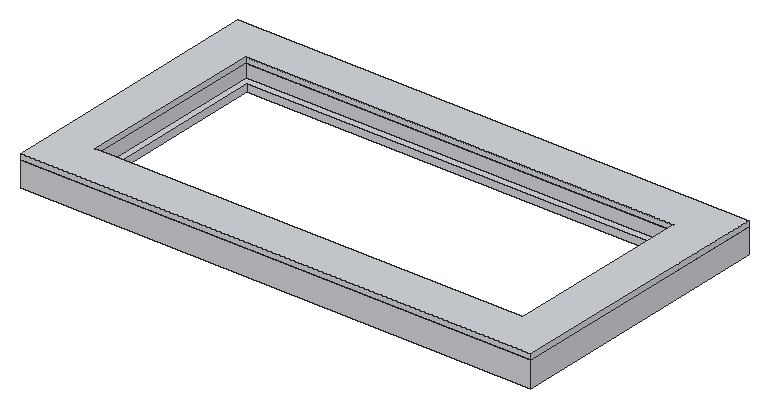
Revit family "Gira_100229", category Electrical Fixtures, host Face, Revit 2017
Family settings
  Host = Face
  Maintain Annotation Orientation = No
  Round Connector Dimension = Use Diameter
  Part Type = Normal
  Cut with Voids When Loaded = No
  Shared = No
  Room Calculation Point = No
Parameters (values of type "Cov.fr. 2-g w/o cb Gira E2 p.white")
  With mounting grid = "No"
  With hinged lid = "No"
  URL = "http://katalog.gira.de/en/datenblatt.html?artikelnr=100229"
  Type of fastening = "Clamp mounting"
  Transparent = "No"
  Surface protection = "Other"
  Surface finishing = "Glossy"
  Suitable for wall duct = "No"
  Suitable for flush-mounted installation = "Yes"
  Suitable for floor box = "No"
  Suitable for built-in installation = "No"
  RAL-number (akin) = "9010"
  Number of units vertical = "2"
  Number of units horizontal = "2"
  Number of units = "2"
  Name = "Cov.fr. 2-g w/o cb Gira E2 p.white"
  Mounting direction = "Horizontal and vertical"
  Material quality = "Thermoplastic"
  Material = "Plastic"
  Manufacturer URL = "https://www.gira.de/"
  Manufacturer = "Gira"
  Label space/information surface = "No"
  Keynote = ""
  HeinzeBIM = "https://bimportal.heinze.de/bim/cov-fr-2-g-w-o-cb-gira-e2-p-white/ba278492dfd1ed698fe09b3331c25a7c91420f8b"
  Halogen free = "Yes"
  HAN = "100229"
  GTIN = "4010337001553"
  Description = "Cov.fr.2g w o cb E2 PW,Gira E2 cover frame,pure white glossy,2-gang without crossbar,Features:,- Shatter-proof.,,Notes :,- Also suitable for duct installation.,- In connection with the seal kit, frame (1-gang to 5-gang) is also suitable for installation as water-protected flush-mounted IP44."
  Degree of protection (IP) = "IP20"
  Default Elevation = 1219.2 mm
  Data sheet (1) = "https://katalog.gira.de/en/download.html?artikelnr=100229"
  Colour = "White"
  Category = "Cover frame for domestic switching devices"
  BIM (1) = "https://media.stage.bim.site/public/gira/36a6b08/E2_Rahmen_2fach o.Mittelsteg.rfa?public/gira/36a6b08/E2_Rahmen_2fach o.Mittelsteg.rfa"
  Available = "No"
Reference planes
  plane 1 "Center (Front/Back)": y = 0
  plane 2: z = 0
  plane 3 "Center (Left/Right)": x = 0
Forms (mm)
  Extrusion 1, solid, detail levels fine
    sketch origin (0, 0, 0) x (1, 0, 0) y (0, 1, 0)
      loop
        line (-75.95, 40.4) -> (-75.95, -40.4) -> (75.95, -40.4) -> (75.95, 40.4) -> (-75.95, 40.4)
      loop
        line (-63.602, -28.052) -> (63.602, -28.052) -> (63.602, 28.052) -> (-63.602, 28.052) -> (-63.602, -28.052)
    from 7.7 to 9.3
  Extrusion 2, solid, detail levels fine
    sketch origin (0, 0, 0) x (1, 0, 0) y (0, 1, 0)
      loop
        line (-75.95, 40.4) -> (-75.95, -40.4) -> (75.95, -40.4) -> (75.95, 40.4) -> (-75.95, 40.4)
      loop
        line (-74.148, -38.598) -> (74.148, -38.598) -> (74.148, 38.598) -> (-74.148, 38.598) -> (-74.148, -38.598)
    from 0 to 7.7
  Extrusion 3, solid, detail levels fine
    sketch origin (0, 0, 0) x (1, 0, 0) y (0, 1, 0)
      loop
        line (-61.45, -25.7) -> (61.451, -25.7) -> (61.451, 25.701) -> (-61.45, 25.701) -> (-61.45, -25.7)
      loop
        line (-63.602, 28.052) -> (-63.602, -28.052) -> (63.602, -28.052) -> (63.602, 28.052) -> (-63.602, 28.052)
    from 1.8 to 3.8
  Extrusion 4, solid, detail levels fine
    sketch origin (0, 0, 0) x (1, 0, 0) y (0, 1, 0)
      loop
        line (-63.602, -28.052) -> (63.602, -28.052) -> (63.602, 28.052) -> (-63.602, 28.052) -> (-63.602, -28.052)
      loop
        spline (65.089, 27.539) -> (65.072, 27.8) -> (65.021, 28.057) -> (64.937, 28.305) -> (64.821, 28.539) -> (64.676, 28.757) -> (64.504, 28.954) -> (64.307, 29.126) -> (64.089, 29.271) -> (63.855, 29.387) -> (63.607, 29.471) -> (63.35, 29.522) -> (63.089, 29.539)
        line (63.089, 29.539) -> (-63.089, 29.539)
        spline (-63.089, 29.539) -> (-63.35, 29.522) -> (-63.607, 29.471) -> (-63.855, 29.387) -> (-64.089, 29.271) -> (-64.307, 29.126) -> (-64.504, 28.954) -> (-64.676, 28.757) -> (-64.821, 28.539) -> (-64.937, 28.305) -> (-65.021, 28.057) -> (-65.072, 27.8) -> (-65.089, 27.539)
        line (-65.089, 27.539) -> (-65.089, -27.539)
        spline (-65.089, -27.539) -> (-65.072, -27.8) -> (-65.021, -28.057) -> (-64.937, -28.305) -> (-64.821, -28.539) -> (-64.676, -28.757) -> (-64.504, -28.954) -> (-64.307, -29.126) -> (-64.089, -29.271) -> (-63.855, -29.387) -> (-63.607, -29.471) -> (-63.35, -29.522) -> (-63.089, -29.539)
        line (-63.089, -29.539) -> (63.089, -29.539)
        spline (63.089, -29.539) -> (63.35, -29.522) -> (63.607, -29.471) -> (63.855, -29.387) -> (64.089, -29.271) -> (64.307, -29.126) -> (64.504, -28.954) -> (64.676, -28.757) -> (64.821, -28.539) -> (64.937, -28.305) -> (65.021, -28.057) -> (65.072, -27.8) -> (65.089, -27.539)
        line (65.089, -27.539) -> (65.089, 27.539)
    from 1.8 to 7.7
  Extrusion 5, solid, detail levels coarse+medium
    sketch origin (0, 0, 0) x (1, 0, 0) y (0, 1, 0)
      loop
        line (-75.95, 40.4) -> (-75.95, -40.4) -> (75.95, -40.4) -> (75.95, 40.4) -> (-75.95, 40.4)
    from 0 to 9.3
Dimensions and locks
  aligned and locked: plane 2 to host face
  aligned and locked: level to host face
